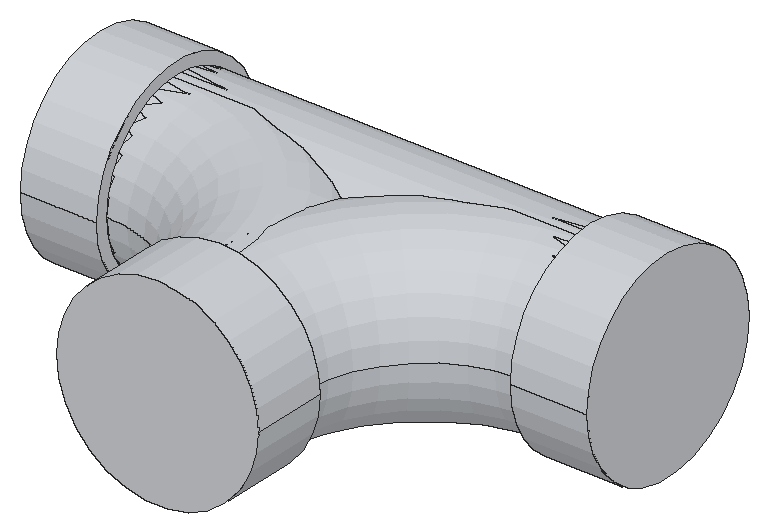
Revit family "df446a8c113e4539bc2c075e756c5d77", category Pipe Fittings, Revit 2021
Family settings
  Round Connector Dimension = Use Radius
  Part Type = Tee
  OmniClass Number = 23.60.30.11.14
  OmniClass Title = Pipework Fittings
  Seek Item ID = Cleanout Two-Way - PVC - Sch 40 - DWV-0000-USA-ENU
  Work Plane-Based = No
  Always vertical = Yes
  Cut with Voids When Loaded = No
  Shared = No
Parameters (values of type "Standard")
  Wall Thickness [instance] = size_lookup(Lookup Table Name, "WThk", 0.02 * Nominal Diameter + 33/256", Nominal Diameter)  # 0.219"
  Tick Size [instance] = Fitting Outside Diameter * 0.4  # 1.4"
  Socket Outside Radius [instance] = Socket Outside Diameter / 2  # 1.979"
  Socket Outside Diameter [instance] = Socket Entrance Diameter + Wall Thickness * 2  # 3.958"
  Socket Entrance Diameter [instance] = size_lookup(Lookup Table Name, "SED", 1.04 * Nominal Diameter + 95/256", Nominal Diameter)  # 3.52"
  Socket Depth [instance] = size_lookup(Lookup Table Name, "SDpt", 0.5 * Nominal Diameter, Nominal Diameter)  # 1 1/2"
  Nominal Radius [instance] = 1 1/2"
  Nominal Diameter [instance] = Nominal Radius * 2  # 3"
  Loss Method = Not Defined
  Lookup Table Name = "Cleanout Two-Way - PVC - Sch 40 - DWV"
  Fitting Outside Radius [instance] = Fitting Outside Diameter / 2  # 1 3/4"
  Fitting Outside Diameter [instance] = size_lookup(Lookup Table Name, "FOD", 1.04 * Nominal Diameter + 23/64", Nominal Diameter)  # 3 1/2"
  Default Elevation = 0' - 0"
  Center to Socket Bottom Label [instance] = if(Fitting Outside Radius > Center to Socket Bottom, Fitting Outside Radius + 1/8", Center to Socket Bottom)  # 4 1/16"
  Center to Socket Bottom [instance] = size_lookup(Lookup Table Name, "CtSB", 0.88 * Nominal Diameter + 1 45/128", Nominal Diameter)  # 4 1/16"
Reference planes (in)
  plane 1 "Center (Front/Back)": y = 0
  plane 2: z = 0
  plane 3 "Center (Left/Right)": x = 0
  plane 4: x = -4.0625
  plane 5: x = 4.0625
  plane 6: y = -4.0625
Forms (in)
  Sweep 1, solid, detail levels fine
    path in 3D
      loop
        line (-4.0625, 0, 0) -> (-5.5625, 0, 0)
    profile origin (-4.8125, 0, 0) x (0, -1, 0) y (0, 0, 1)
      loop
        circle (0, 0) r 1.979
  Sweep 2, solid, detail levels fine
    path in 3D
      loop
        line (-4.0625, 0, 0) -> (4.0625, 0, 0)
    profile origin (0, 0, 0) x (0, 1, 0) y (0, 0, 1)
      loop
        circle (0, 0) r 1.75
  Sweep 3, solid, detail levels fine
    path in 3D
      loop
        line (4.0625, 0, 0) -> (5.5625, 0, 0)
    profile origin (4.8125, 0, 0) x (0, 1, 0) y (0, 0, 1)
      loop
        circle (0, 0) r 1.979
  Sweep 4, solid, detail levels fine
    path in 3D
      loop
        line (0, -4.0625, 0) -> (0, -5.5625, 0)
    profile origin (0, -4.8125, 0) x (1, 0, 0) y (0, 0, 1)
      loop
        circle (0, 0) r 1.979
  Sweep 5, solid, detail levels fine
    path in 3D
      loop
        arc (-4.0625, 0, 0) -> (-1.18988, -1.18988, 0) -> (0, -4.0625, 0) r 4.0625
    profile origin (-1.18988, -1.18988, 0) x (0.707107, 0.707107, 0) y (0, 0, 1)
      loop
        circle (0, 0) r 1.75
  Sweep 6, solid, detail levels fine
    path in 3D
      loop
        arc (4.0625, 0, 0) -> (1.18988, -1.18988, 0) -> (0, -4.0625, 0) r 4.0625
    profile origin (1.18988, -1.18988, 0) x (0.707107, -0.707107, 0) y (0, 0, 1)
      loop
        circle (0, 0) r 1.75
Cuts and joins
  joined: Sweep 1, Sweep 4, Sweep 5
  joined: Sweep 3, Sweep 6
Lines and regions (in)
  model lines, detail levels coarse+medium
    curve 1: line (-4.0625, 0, 0) -> (4.0625, 0, 0)
    curve 2: line (-4.0625, 0, 0) -> (-5.5625, 0, 0)
    curve 3: line (4.0625, 0, 0) -> (5.5625, 0, 0)
    curve 4: line (0, -4.0625, 0) -> (0, -5.5625, 0)
    curve 9: line (-5.5625, 0, 0) -> (-5.5625, 1.4, 0)
    curve 10: line (-5.5625, 0, 0) -> (-5.5625, -1.4, 0)
    curve 11: line (5.5625, 0, 0) -> (5.5625, 1.4, 0)
    curve 12: line (5.5625, 0, 0) -> (5.5625, -1.4, 0)
    curve 13: line (0, -5.5625, 0) -> (1.4, -5.5625, 0)
    curve 14: line (0, -5.5625, 0) -> (-1.4, -5.5625, 0)
    curve 15: arc (-4.0625, 0, 0) -> (-1.18988, -1.18988, 0) -> (0, -4.0625, 0) r 4.0625
    curve 16: arc (4.0625, 0, 0) -> (1.18988, -1.18988, 0) -> (0, -4.0625, 0) r 4.0625
  sketch lines
    curve 5: line (-4.0625, 0, 0) -> (-5.5625, 0, 0)
    curve 6: line (-4.0625, 0, 0) -> (4.0625, 0, 0)
    curve 7: line (4.0625, 0, 0) -> (5.5625, 0, 0)
    curve 8: line (0, -4.0625, 0) -> (0, -5.5625, 0)
    curve 17: arc (-4.0625, 0, 0) -> (-1.18988, -1.18988, 0) -> (0, -4.0625, 0) r 4.0625
    curve 18: arc (4.0625, 0, 0) -> (1.18988, -1.18988, 0) -> (0, -4.0625, 0) r 4.0625
Dimensions and locks (in)
  "Center to Socket Bottom Label": curve 1 to plane 3 "Center (Left/Right)"
  "Center to Socket Bottom Label": plane 3 "Center (Left/Right)" to curve 1
  "Socket Depth": curve 2 to curve 2
  "Socket Depth": curve 3 to curve 3
  "Socket Depth": curve 4 to curve 4
  "Tick Size": curve 9 to curve 9
  "Tick Size": curve 10 to curve 10
  "Tick Size": curve 11 to curve 11
  "Tick Size": curve 12 to curve 12
  "Tick Size": curve 13 to curve 13
  "Tick Size": curve 14 to curve 14
  "Center to Socket Bottom Label": plane 4 to plane 3 "Center (Left/Right)"
  "Center to Socket Bottom Label": plane 3 "Center (Left/Right)" to plane 5
  "Center to Socket Bottom Label": plane 6 to plane 1 "Center (Front/Back)"
  "Socket Outside Radius": radius of Sweep 1 sketch curve
  "Fitting Outside Radius": radius of Sweep 2 sketch curve
  "Socket Outside Radius": radius of Sweep 3 sketch curve
  "Socket Outside Radius": radius of Sweep 4 sketch curve
  "Fitting Outside Radius": radius of Sweep 5 sketch curve
  "Fitting Outside Radius": radius of Sweep 6 sketch curve
  locked: curve 4 to curve 1 (angle 90.00°)
  angle curve 1 to curve 9 = 90.00°
  angle curve 10 to curve 1 = 90.00°
  angle curve 11 to curve 1 = 90.00°
  angle curve 1 to curve 12 = 90.00°
  angle curve 4 to curve 14 = 90.00°
  angle curve 4 to curve 13 = 90.00°
  aligned and locked: plane 1 "Center (Front/Back)" to curve 1
  aligned and locked: plane 1 "Center (Front/Back)" to Sweep 1 sketch curve
  aligned and locked: plane 2 to Sweep 1 sketch curve
  aligned and locked: plane 1 "Center (Front/Back)" to Sweep 2 sketch curve
  aligned and locked: plane 2 to Sweep 2 sketch curve
  aligned and locked: plane 2 to Sweep 4 sketch curve
  aligned and locked: plane 4 to curve 15
  aligned and locked: plane 6 to curve 15
Automatic sketch dimensions
  Sweep 3 sketch curve to profile plane = 0' - 0"  (x2)
  profile plane to Sweep 4 sketch curve = 0' - 0"
  Sweep 5 sketch curve to profile plane = 0' - 0"  (x2)
  Sweep 6 sketch curve to profile plane = 0' - 0"  (x2)
Connectors (in)
  piping at (-5.5625, 0, 0), diameter 3, driven by "Nominal Radius"
    settings: on cut or joined group of Sweep 1, Sweep 4, Sweep 5, index 1, connector inside diameter 3", connector length 0' - 0", flow factor 0, pipe flow 0 GPM, pressure drop 0.00 psi, fitting loss kfactor 0, connector angle 0.00°, fixture units 0, engagement length 0' - 0", angle of deflection 0.00°, flow configuration 0, flow direction 0, fitting loss method 0, system type 28, joint type 0, gender type 0, connector reference index 2, connector utility 0, adjustable connector no, is connector primary yes, connector description ""
  piping at (5.5625, 0, 0), diameter 3, driven by "Nominal Radius"
    settings: on cut or joined group of Sweep 3, Sweep 6, index 2, connector inside diameter 3", connector length 0' - 0", flow factor 0, pipe flow 0 GPM, pressure drop 0.00 psi, fitting loss kfactor 0, connector angle 0.00°, fixture units 0, engagement length 0' - 0", angle of deflection 0.00°, flow configuration 0, flow direction 0, fitting loss method 0, system type 28, joint type 0, gender type 0, connector reference index 1, connector utility 0, adjustable connector no, is connector primary no, connector description ""
  piping at (0, -5.5625, 0), diameter 3, driven by "Nominal Radius"
    settings: on cut or joined group of Sweep 1, Sweep 4, Sweep 5, index 3, connector inside diameter 3", connector length 0' - 0", flow factor 0, pipe flow 0 GPM, pressure drop 0.00 psi, fitting loss kfactor 0, connector angle 0.00°, fixture units 0, engagement length 0' - 0", angle of deflection 0.00°, flow configuration 0, flow direction 0, fitting loss method 0, system type 28, joint type 0, gender type 0, connector reference index -1, connector utility 0, adjustable connector no, is connector primary no, connector description ""
